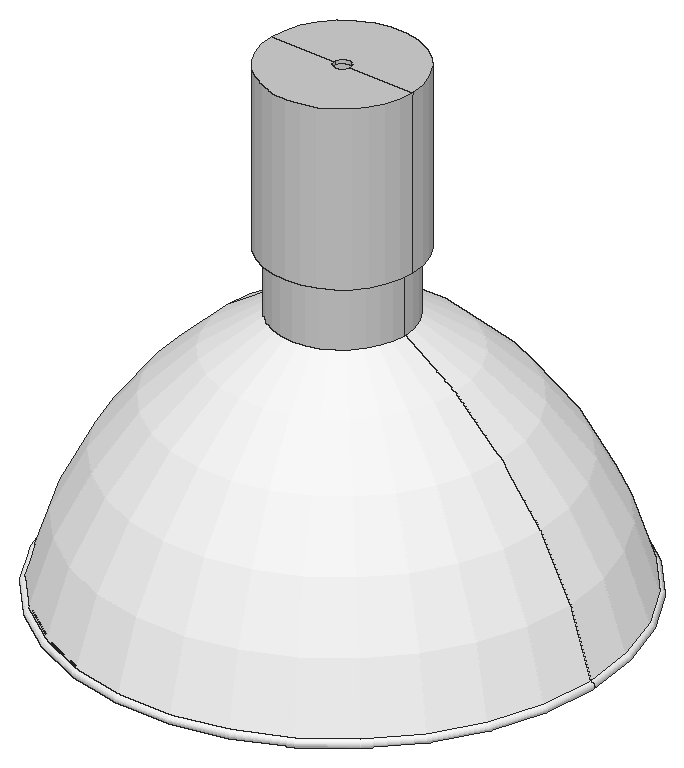
Revit family "DP16", category Lighting Fixtures, Revit 2024
Family settings
  Round Connector Dimension = Use Diameter
  Part Type = Normal
  OmniClass Number = 23.80.70.00
  OmniClass Title = Lighting
  Work Plane-Based = No
  Always vertical = Yes
  Cut with Voids When Loaded = No
  Light Source = No
  Maintain Annotation Orientation = No
  Shared = No
  Room Calculation Point = No
Parameters
  Default Elevation = 0' - 0"
Reference planes (in)
  plane 1 "Light Source Axis (F/B)": y = 0
  plane 2: z = 0
  plane 3 "Light Source Axis (L/R)": x = 0
  plane 4 "Light Source Elevation": z = 54
Forms (in)
  Sweep 1, solid, material "GLASS SHADE", not visible
    path origin (75.968, 0, 0.00093) x (1, 0, 0) y (0, 0, 1)
      loop
        arc (-4.5864, 68.3252) -> (-8.91952, 61.72019) -> (-10.59309, 54) r 21.63816
    profile origin (67.04848, 0, 61.72112) x (0.922209, 0, -0.386691) y (0, -1, 0)
      loop
        circle (0, 0) r 0.03125
  Revolve 2, solid, material "44"
    sketch origin (0, 0, 0) x (1, 0, 0) y (0, 0, 1)
      loop
        arc (7.875, 54.25) -> (5.72449, 58.78092) -> (1.90966, 62.03683) r 11.9976
        line (1.90966, 62.03683) -> (1.84047, 61.96763)
        arc (1.84047, 61.96763) -> (5.64609, 58.7291) -> (7.78718, 54.21396) r 11.90385
        arc (7.78718, 54.21396) -> (7.92246, 54.00936) -> (7.875, 54.25) r 0.125
      axis (0, 54.21396) -> (0, 62.03683)
    angle from 0 to 360
  Revolve 3, solid, material "49"
    sketch origin (0, 0, 0.99964) x (1, 0, 0) y (0, 0, 1)
      loop
        line (1.9772, 62.86696) -> (2.25, 62.86696) -> (2.25, 68.00036) -> (0.25, 68.00036) -> (0.25, 67.90661) -> (2.15625, 67.90661) -> (2.15625, 62.96071) -> (1.88345, 62.96071) -> (1.88345, 61.00036) -> (1.9772, 61.00036) -> (1.9772, 62.86696)
      axis (0, 68.00036) -> (0, 61.00036)
    angle from 0 to 360
Dimensions and locks (in)
  aligned and locked: level to plane 2
